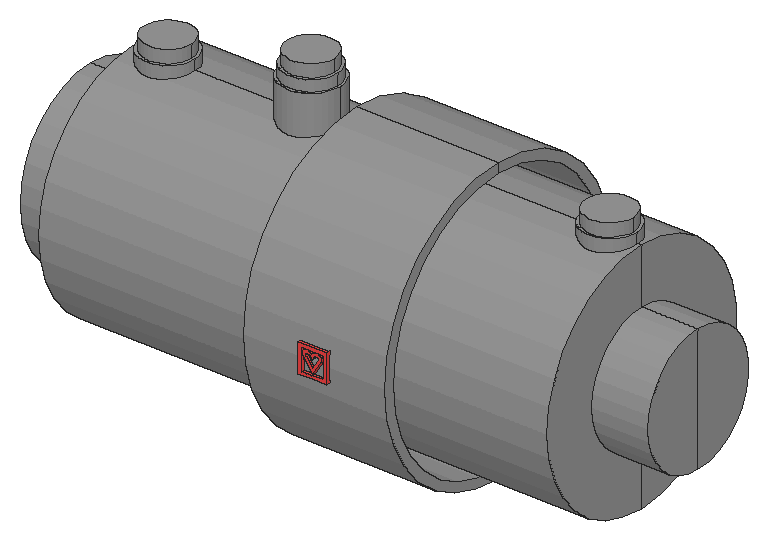
Revit family "HERZ System Separator 0307 IG-AG", category Rohrzubehör, Revit 2021
Family settings
  Bemaßung runder Anschluss = Durchmesser verwenden
  Teiletyp = Unterbricht
  OmniClass-Nummer = 23.65.55.14
  OmniClass-Titel = Valves for Liquid Services
  Arbeitsebenenbasiert = Nein
  Immer vertikal = Ja
  Beim Laden mit Abzugskörper schneiden = Nein
  Gemeinsam genutzt = Nein
Parameters (values of type "IG-AG DN40-DN40")
  Vorgabe-Ansicht = 0.000 mm
  URL = "www.herzvalves.com"
  SCTWSEQ = "AW;SBT_TYP_AW=\"104\";2"
  SCTWCODE = "04;12;02"  # constant formula
  S03 = 15.000 mm  # constant formula
  S02 = 45.000 mm  # constant formula
  S01 = 98.000 mm  # constant formula
  Nennweite Ein [instance] = if(IG_AG_DN40_DN40, 40.000 mm, if(IG_AG_DN40_DN50, 40.000 mm, if(IG_AG_DN50_DN40, 50.000 mm, if(IG_AG_DN50_DN50, 50.000 mm, 0.000 mm))))  # 40.000 mm
  Nennweite Aus [instance] = if(IG_AG_DN40_DN40, 40.000 mm, if(IG_AG_DN40_DN50, 50.000 mm, if(IG_AG_DN50_DN40, 40.000 mm, if(IG_AG_DN50_DN50, 50.000 mm, 0.000 mm))))  # 40.000 mm
  Model = "The backflow preventer has been developed in accordance with the standard DIN EN 1717.\r\nAccording to this standard, the water quality is divided up into 5 classes depending on the degree of contamination.\r\nBackflow preventers of type BA provide protection against non-drinking water up to hazard class 4.\r\nThis is the highest hazard class that may be safeguarded with a valve.\r\nSafeguarding a standpipe with a lower form of protection than a system separator of type BA per DIN EN 1717 is no longer reflective of current engineering practice and the operator is therefore liable in the event of damage with such a standpipe.\r\nThe functional unit is designed as a single-piece cartridge with large-dimension control piston and pressure surge-damped discharge valve system.\r\nThreaded connections are mutually interchangeable, whereby 16 possible connection variants exist (intake and outlet side available in 1 1/2\" inner or outer thread, alternatively in 2\" inner or outer thread)."
  Medium = "Water (without steam)"  # constant formula
  Max. permissible temperature (short-term) = 80 °C  # constant formula
  Max. operating temperature = 65 °C  # constant formula
  Max. operating pressure = 1000000.0 Pa  # constant formula
  L08 = 45.000 mm  # constant formula
  L07 = 24.500 mm  # constant formula
  L06 = 70.000 mm  # constant formula
  L05 = 28.000 mm  # constant formula
  L04 = 13.500 mm  # constant formula
  L03 = 84.500 mm  # constant formula
  L02 = 18.000 mm  # constant formula
  L01 = 193.000 mm  # constant formula
  Installation position = "Horizontal or perpendicular pointing downwards"  # constant formula
  Note = "Pursuant to Article 33 of the REACH Regulation (EC No. 1907/2006), we are obliged to point out that the material lead is listed on the SVHC list and that all brass components manufactured in our products exceed 0.1% (w / w) lead (CAS: 7439-92-1 / EINECS: 231-100-4).\r\nSince lead is a component part of an alloy, actual exposure is not possible and therefore no additional information on safe use is necessary."
  Hersteller = "HERZ Armaturen Ges.m.b.H."  # constant formula
  D03 [instance] = if(IG_AG_DN40_DN40, 28.000 mm, if(IG_AG_DN40_DN50, 28.000 mm, if(IG_AG_DN50_DN40, 33.000 mm, if(IG_AG_DN50_DN50, 33.000 mm, 0.000 mm))))  # 28.000 mm
  D02 = 45.000 mm  # constant formula
  D01 = 37.500 mm  # constant formula
  Body = "stainless steel"  # constant formula
  Part number [instance] = if(IG_AG_DN40_DN40, "I030702", if(IG_AG_DN40_DN50, "I030710", if(IG_AG_DN50_DN40, "I030714", if(IG_AG_DN50_DN50, "I030706", "0"))))  # "I030702"
  IG_AG_DN50_DN50 = no
  IG_AG_DN50_DN40 = no
  IG_AG_DN40_DN50 = no
  IG_AG_DN40_DN40 = yes
  IG Ein [instance] = Nennweite Ein / 2  # 20.000 mm
  Application = "The backflow preventer is an economical solution for retrofitting to standpipes that are required to have a mandatory safety valve according to DIN EN 1717 for preventing the back-suction, back-flowing or back-pressuring of non-drinking water into the drinking water line.\r\nThe backflow preventer is suitable for horizontal installation.\r\nIt can also be fitted perpendicular, although only pointing downwards.\r\nIt is not approved for installation in a riser."
  AG Aus [instance] = Nennweite Aus / 2  # 20.000 mm
Types (5, lengths in mm): name | Nennweite Ein | Nennweite Aus | D03 | Part number | IG_AG_DN50_DN50 | IG_AG_DN50_DN40 | IG_AG_DN40_DN50 | IG_AG_DN40_DN40 | IG Ein | AG Aus
  (no name) | 40.000 | 40.000 | 28.000 | "I030702" | no | no | no | yes | 20.000 | 20.000
  IG-AG DN40-DN50 | 40.000 | 50.000 | 28.000 | "I030710" | no | no | yes | no | 20.000 | 25.000
  IG-AG DN40-DN40 | 40.000 | 40.000 | 28.000 | "I030702" | no | no | no | yes | 20.000 | 20.000
  IG-AG DN50-DN50 | 50.000 | 50.000 | 33.000 | "I030706" | yes | no | no | no | 25.000 | 25.000
  IG-AG DN50-DN40 | 50.000 | 40.000 | 33.000 | "I030714" | no | yes | no | no | 25.000 | 20.000
Reference planes
  plane 1 "Mitte (Vorne/hinten)": y = 0
  plane 2: z = 0
  plane 3 "Mitte (Links/rechts)": x = 0
Forms (mm)
  Revolve 1, solid, material "Messing, weicher Gelbton, geschweißt", detail levels fine
    sketch origin (0, 0, 0) x (1, 0, 0) y (0, 0, 1)
      loop
        line (96.5, 0) -> (96.5, 20) -> (78.5, 20) -> (78.5, 37.5) -> (-83, 37.5) -> (-83, 28) -> (-96.5, 28) -> (-96.5, 20) -> (-83, 20) -> (-83, 0) -> (96.5, 0)
      axis (-96.5, 0) -> (96.5, 0)
    angle from 0 to 360
  Revolve 2, solid, material "Acetalharz, Schwarz", detail levels fine
    sketch origin (0, 0, 0) x (1, 0, 0) y (0, 0, 1)
      loop
        line (-12, 0) -> (1.5, 0) -> (1.5, 42) -> (33, 42) -> (33, 45) -> (-12, 45) -> (-12, 0)
      axis (-12, 0) -> (33, 0)
    angle from 0 to 360
  Extrusion 3, solid, material "Messing, weicher Gelbton, geschweißt", detail levels fine
    sketch origin (0, 0, 0) x (1, 0, 0) y (0, 1, 0)
      loop
        circle (-72, 0) r 8.5
      loop
        circle (68.5, 0) r 8.5
    from 0 to 40.5
  Extrusion 4, solid, material "Acetalharz, Schwarz", detail levels fine
    sketch origin (0, 0, 0) x (1, 0, 0) y (0, 1, 0)
      loop
        circle (-72, 0) r 7.5
      loop
        circle (68.5, 0) r 7.5
    from 40.5 to 44.5
  Extrusion 5, solid, material "Messing, weicher Gelbton, geschweißt", detail levels fine
    sketch origin (0, 0, 0) x (1, 0, 0) y (0, 1, 0)
      loop
        circle (-26.5, 0) r 9.3
    from 0 to 49
  Extrusion 6, solid, material "Messing, weicher Gelbton, geschweißt", detail levels fine
    sketch origin (0, 0, 0) x (1, 0, 0) y (0, 1, 0)
      loop
        circle (-26.5, 0) r 8.5
    from 49 to 52.5
  Extrusion 7, solid, material "Acetalharz, Schwarz", visible <- "IG_AG_DN40_DN50", detail levels fine
    sketch origin (0, 0, 0) x (1, 0, 0) y (0, 1, 0)
      loop
        circle (-26.5, 0) r 7.5
    from 52.5 to 56.5
  Extrusion 8, solid, material "Acetalharz, Schwarz", visible <- "IG_AG_DN40_DN40", detail levels fine
    sketch origin (0, 0, 0) x (1, 0, 0) y (0, 1, 0)
      loop
        circle (-26.5, 0) r 7.5
    from 52.5 to 56.4
  Extrusion 9, solid, material "Acetalharz, Schwarz", visible <- "IG_AG_DN50_DN50", detail levels fine
    sketch origin (0, 0, 0) x (1, 0, 0) y (0, 1, 0)
      loop
        circle (-26.5, 0) r 7.5
    from 52.5 to 56.3
  Extrusion 10, solid, material "Acetalharz, Schwarz", visible <- "IG_AG_DN50_DN40", detail levels fine
    sketch origin (0, 0, 0) x (1, 0, 0) y (0, 1, 0)
      loop
        circle (-26.5, 0) r 7.5
    from 52.5 to 56.2
Lines and regions (mm)
  model lines, detail levels coarse+medium
    curve 1: line (-96.5, 0, 37.5) -> (96.5, 0, 37.5)
    curve 2: line (-96.5, 0, -37.5) -> (-96.5, 0, 37.5)
    curve 3: line (96.5, 0, -37.5) -> (-96.5, 0, -37.5)
    curve 4: line (96.5, 0, 37.5) -> (96.5, 0, -37.5)
    curve 5: line (-96.5, 0, -22.5) -> (-51.5, 0, -22.5)
    curve 6: line (-1.5, 0, -22.5) -> (96.5, 0, -22.5)
    curve 7: line (-96.5, 0, 22.5) -> (-51.5, 0, 22.5)
    curve 8: line (-1.5, 0, 22.5) -> (96.5, 0, 22.5)
    curve 9: line (-96.5, 37.5, 0) -> (96.5, 37.5, 0)
    curve 10: line (-96.5, -37.5, 0) -> (-96.5, 37.5, 0)
    curve 11: line (96.5, -37.5, 0) -> (-96.5, -37.5, 0)
    curve 12: line (96.5, 37.5, 0) -> (96.5, -37.5, 0)
    curve 13: line (-96.5, 22.5, 0) -> (-51.5, 22.5, 0)
    curve 14: line (-1.5, 22.5, 0) -> (96.5, 22.5, 0)
    curve 15: line (-96.5, -22.5, 0) -> (-51.5, -22.5, 0)
    curve 16: line (-1.5, -22.5, 0) -> (96.5, -22.5, 0)
Dimensions and locks
  equal spacing: curve 4, plane 3 "Mitte (Links/rechts)", curve 2
  "L01": curve 4 to curve 2
  "D01": curve 1 to plane 2 to curve 3
  "S03": curve 5 to curve 3
  "S03": curve 1 to curve 7
  "S03": curve 1 to curve 8
  "S03": curve 6 to curve 3
  "S02": curve 5 to curve 2
  "S02": curve 7 to curve 2
  "S01": curve 8 to curve 4
  "S01": curve 6 to curve 4
  equal spacing: curve 10, plane 3 "Mitte (Links/rechts)", curve 12
  "L01": curve 10 to curve 12
  "D01": curve 11 to plane 1 "Mitte (Vorne/hinten)" to curve 9
  "S03": curve 13 to curve 9
  "S03": curve 11 to curve 15
  "S03": curve 14 to curve 9
  "S03": curve 11 to curve 16
  "S01": curve 14 to curve 12
  "S01": curve 16 to curve 12
  "S02": curve 10 to curve 15
  "S02": curve 10 to curve 13
  "D02": Revolve 2 sketch curve to Revolve 2 sketch curve
  equal spacing: Revolve 2, nested 1, Revolve 2
  "D02": nested 1 to plane 1 "Mitte (Vorne/hinten)"
  Revolve 1 sketch curve to Revolve 1 sketch curve = 193.000 mm
  "AG Aus": Revolve 1 sketch curve to Revolve 1 sketch curve
  "IG Ein": Revolve 1 sketch curve to plane 2
  "D03": Revolve 1 sketch curve to plane 2
  "D01": Revolve 1 sketch curve to plane 2
  "L03": Revolve 1 to Revolve 2 sketch curve
  "L07": Revolve 1 to Extrusion 3 sketch curve
  "L05": Extrusion 3 sketch curve to Revolve 1
  "L05": Extrusion 4 sketch curve to Revolve 1
  "L07": Revolve 1 to Extrusion 4 sketch curve
  "L06": Revolve 1 to Extrusion 5 sketch curve
  "L06": Revolve 1 to Extrusion 6 sketch curve
  "L06": Revolve 1 to Extrusion 10 sketch curve
  "L06": Revolve 1 to Extrusion 9 sketch curve
  "L06": Revolve 1 to Extrusion 8 sketch curve
  "L06": Revolve 1 to Extrusion 7 sketch curve
  "L08": Revolve 2 sketch curve to Revolve 2 sketch curve
  aligned and locked: level to plane 2
Automatic sketch dimensions
  Revolve 1 sketch curve to level = 0.000 mm  (x2)
  Revolve 1 sketch curve to plane 3 "Mitte (Links/rechts)" = 96.500 mm
  Revolve 1 sketch curve to Revolve 1 sketch curve = 13.500 mm
  Revolve 1 sketch curve to Revolve 1 sketch curve = 0.000 mm
  plane 3 "Mitte (Links/rechts)" to Revolve 1 sketch curve = 78.500 mm
  Revolve 1 sketch curve to Revolve 1 sketch curve = 18.000 mm
  Revolve 1 sketch curve to Revolve 1 sketch curve = 1408.530 mm
  Revolve 1 sketch curve to Revolve 1 sketch curve = 1741.148 mm
  Revolve 2 sketch curve to level = 0.000 mm  (x2)
  plane 3 "Mitte (Links/rechts)" to Revolve 2 sketch curve = 1.500 mm
  Revolve 2 sketch curve to Revolve 2 sketch curve = 3.000 mm
  Revolve 2 sketch curve to Revolve 2 sketch curve = 1496.030 mm
  Revolve 2 sketch curve to Revolve 2 sketch curve = 1804.648 mm
  plane 1 "Mitte (Vorne/hinten)" to Extrusion 3 sketch curve = 0.000 mm  (x2)
  plane 1 "Mitte (Vorne/hinten)" to Extrusion 4 sketch curve = 0.000 mm  (x2)
  plane 1 "Mitte (Vorne/hinten)" to Extrusion 5 sketch curve = 0.000 mm
  plane 1 "Mitte (Vorne/hinten)" to Extrusion 6 sketch curve = 0.000 mm
  plane 1 "Mitte (Vorne/hinten)" to Extrusion 7 sketch curve = 0.000 mm
  plane 1 "Mitte (Vorne/hinten)" to Extrusion 8 sketch curve = 0.000 mm
  plane 1 "Mitte (Vorne/hinten)" to Extrusion 9 sketch curve = 0.000 mm
  plane 1 "Mitte (Vorne/hinten)" to Extrusion 10 sketch curve = 0.000 mm
  radius of Extrusion 3 sketch curve = 8.500 mm  (x2)
  radius of Extrusion 4 sketch curve = 7.500 mm  (x2)
  radius of Extrusion 5 sketch curve = 9.300 mm
  radius of Extrusion 6 sketch curve = 8.500 mm
  radius of Extrusion 7 sketch curve = 7.500 mm
  radius of Extrusion 8 sketch curve = 7.500 mm
  radius of Extrusion 9 sketch curve = 7.500 mm
  radius of Extrusion 10 sketch curve = 7.500 mm
Nested families
  nested 1: "Herz-Logo-vorne" at (10.5, -45, 0) x (0, 1, 0) z (0, 0, 1), type "Herz-Logo-vorne", detail levels fine
Connectors
  piping at (-83, 0, 0), diameter 40, driven by "Nennweite Ein"
    settings: on Revolve 1, index 1, connector inside diameter 609.6 mm, connector length 0.000 mm, flow factor 0, pipe flow 0.0 L/s, pressure drop 0.0 Pa, fitting loss kfactor 0, connector angle 0.00°, fixture units 0, engagement length 0.000 mm, angle of deflection 0.00°, flow configuration 0, flow direction 1, fitting loss method 0, system type 29, joint type 0, gender type 0, connector reference index -1, connector utility 0, adjustable connector no, is connector primary yes, connector description ""
  piping at (96.5, 0, 0), diameter 40, driven by "Nennweite Aus"
    settings: on Revolve 1, index 2, connector inside diameter 609.6 mm, connector length 0.000 mm, flow factor 0, pipe flow 0.0 L/s, pressure drop 0.0 Pa, fitting loss kfactor 0, connector angle 0.00°, fixture units 0, engagement length 0.000 mm, angle of deflection 0.00°, flow configuration 0, flow direction 2, fitting loss method 0, system type 29, joint type 0, gender type 0, connector reference index -1, connector utility 0, adjustable connector no, is connector primary no, connector description ""
Definition of nested family "Herz-Logo-vorne"
  Parameters (values of type "Herz-Logo-vorne")
    Default Elevation = 0.000 mm
  Reference planes
    plane 1 "Mitte (Vorne/hinten)": y = 0
    plane 2: z = 0
    plane 3 "Mitte (Links/rechts)": x = 0
  Forms (mm)
    Extrusion 1, solid
      sketch origin (0.732, -0.018, 0.017) x (0, -1, 0) y (0, 0, 1)
        loop
          line (-0.018, -4.517) -> (4.482, -4.517) -> (4.482, 4.483) -> (-4.518, 4.483) -> (-4.518, -4.517) -> (-0.018, -4.517)
        loop
          line (-0.05, -3.48) -> (3.482, -3.48) -> (3.482, 3.483) -> (-3.518, 3.483) -> (-3.518, -3.48) -> (-0.05, -3.48)
        loop
          arc (-0.018, 2.383) -> (-1.543, 3.287) -> (-3.067, 2.383) r 1.738
          arc (-3.067, 2.383) -> (-3.191, 1.899) -> (-3.067, 1.415) r 1.009
          line (-3.067, 1.415) -> (-0.018, -3.281) -> (3.032, 1.415)
          arc (3.032, 1.415) -> (3.156, 1.899) -> (3.032, 2.383) r 1.009
          arc (3.032, 2.383) -> (1.507, 3.287) -> (-0.018, 2.383) r 1.738
        loop
          arc (1.885, 1.272) -> (2.005, 1.675) -> (1.885, 2.079) r 0.74
          arc (1.885, 2.079) -> (1.265, 2.416) -> (0.644, 2.079) r 0.74
          line (0.644, 2.079) -> (-0.018, 0.97) -> (-0.679, 2.079)
          arc (-0.679, 2.079) -> (-1.3, 2.416) -> (-1.921, 2.079) r 0.74
          arc (-1.921, 2.079) -> (-2.04, 1.675) -> (-1.921, 1.272) r 0.74
          line (-1.921, 1.272) -> (-0.018, -1.658) -> (1.885, 1.272)
      from 0 to 1.5
  Dimensions and locks
    aligned and locked: level to plane 2
